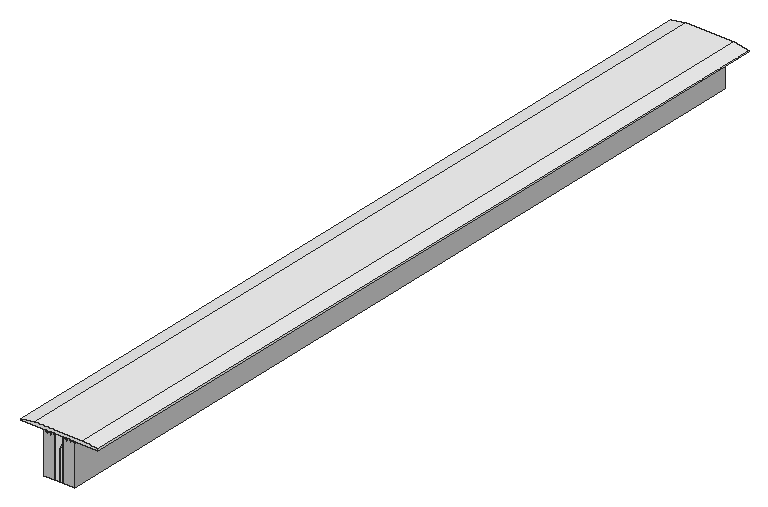
Revit family "SJS", category Specialty Equipment, host Face, Revit 2020
Family settings
  Host = Face
  Round Connector Dimension = Use Diameter
  Part Type = Normal
  Cut with Voids When Loaded = No
  Shared = No
  Room Calculation Point = No
Parameters (values of type "SEE TYPE CATEGORY")
  Width = 0' - 3"
  URL = ""
  Type Image = SJS.png
  Triple Bellow 4 inches = no
  Triple Bellow 3 inches = yes
  Spline ON = yes
  Product Data URL = "https://bit.ly/3bXkBPh"
  Narrow Spline ON = yes
  Coverplate Width = (Width * 1.5) + 0' 3"  # 0' - 7 1/2"
  Tensile Strength (ASTM D3574) = "21 psi min; 145 kPa"
  Temperature Range (ASTM C711) = "185°F (85°C) to -40°F (-40°C)"
  Staining (ASTM C510) = "None"
  Spline Width = 0' - 0 3/4"
  Sept Bellow 5 inches = no
  Radius Triple Bellow 4" [instance] = [Calc 4" Width Triple] / 6  # 0' - 0.52083"
  Radius Triple Bellow 3" [instance] = [Calc 3" Width Triple] / 6  # 0' - 0 3/16"
  Radius Sept Bellow 5" [instance] = [Calc 5" Width Sept] / 14  # 0' - 0.50893"
  Radius Quint Bellow 5" [instance] = [Calc 5" Width Quint] / 10  # 0' - 0.5125"
  Radius Quad Bellow 4" [instance] = [Calc 4" Width Quad] / 8  # 0' - 0 33/64"
  Radius Octo Bellow 5" [instance] = [Calc 5" Width Octo] / 16  # 0' - 0 65/128"
  Radius Nono Bellow 5" [instance] = [Calc 5" Width Nono] / 18  # 0' - 0.50694"
  Radius Hex Bellow 5" [instance] = [Calc 5" Width Hex] / 12  # 0' - 0.51042"
  Radius Double Bellow 4" [instance] = [Calc 4" Width Double] / 4  # 0' - 0 13/32"
  Quint Bellow 5 inches = no
  Octo Bellow 5 inches = no
  Nono Bellow 5 inches = no
  Hex Bellow 5 inches = no
  Double Bellow 4 inches = no
  Double Bellow 3 inches = no
  Seal Material Note = "SJS is coated on the top with Sikasil WS-295 silicone."
  Seal Material = Silicone - Sikasil WS-295 Deck Gray
  Rate of Air Leakage (ASTM E283) = "Passed"
  R Value Range (ASTM C518) = "18 per 1-inch (25mm) depth"
  Quad Bellow 4 inches = no
  Product Page URL = "https://www.emseal.com/product/sjs-seismic-joint-system-seismic-expansion-joint/"
  Product Documentataion URL = "https://bit.ly/3bXkBPh"
  Movement (of Nominal Material Size) = "+50% / -50%"
  Model = "SJS"
  Manufacturer URL = "http://www.emseal.com/"
  Manufacturer = "EMSEAL Joint Systems Ltd"
  Length [instance] = 6' - 6 23/32"
  Durometer Hardness of Silicone Coating (ASTM D2240) = "Shore A: 30"
  Radius Double Bellow 3" [instance] = [Calc 3" Width Double] / 4  # 0' - 0 17/64"
  Description = "Watertight, Sound Dampening, Primary Seal for Interior and Exterior Deck and Floor Expansion Joints"
  Depth - Triple 4" Bellow [instance] = Depth - [Radius Triple Bellow 4"]  # 0' - 3.47917"
  Depth - Triple 3" Bellow [instance] = Depth - [Radius Triple Bellow 3"]  # 0' - 3 13/16"
  Depth - Sept 5" Bellow [instance] = Depth - [Radius Sept Bellow 5"]  # 0' - 3.49107"
  Depth - Quint 5" Bellow [instance] = Depth - [Radius Quint Bellow 5"]  # 0' - 3.4875"
  Depth - Quad 4" Bellow [instance] = Depth - [Radius Quad Bellow 4"]  # 0' - 3 31/64"
  Depth - Octo 5" Bellow [instance] = Depth - [Radius Octo Bellow 5"]  # 0' - 3 63/128"
  Depth - Nono 5" Bellow [instance] = Depth - [Radius Nono Bellow 5"]  # 0' - 3.49306"
  Depth - Hex 5" Bellow [instance] = Depth - [Radius Hex Bellow 5"]  # 0' - 3.48958"
  Depth - Double 4" Bellow [instance] = Depth - [Radius Double Bellow 4"]  # 0' - 3 19/32"
  Depth - Double 3" Bellow [instance] = Depth - [Radius Double Bellow 3"]  # 0' - 3 47/64"
  Depth = 0' - 4"
  Default Elevation = 0' - 0"
  Coverplate Thickness [instance] = 0' - 0 3/8"
  Coverplate Material = Aluminum
  Calc 5" Width Sept [instance] = if(or(Width < 1' 2", Width > 1' 3"), 0' 7 1/8", Bellow Width)  # 0' - 7 1/8"
  Calc 5" Width Quint [instance] = if(or(Width < 0' 10", Width > 0' 11"), 0' 5 1/8", Bellow Width)  # 0' - 5 1/8"
  Calc 5" Width Octo [instance] = if(or(Width < 1' 4", Width > 1' 5"), 0' 8 1/8", Bellow Width)  # 0' - 8 1/8"
  Calc 5" Width Nono [instance] = if(or(Width < 1' 6", Width > 1' 7"), 0' 9 1/8", Bellow Width)  # 0' - 9 1/8"
  Calc 5" Width Hex [instance] = if(or(Width < 1' 0", Width > 1' 1"), 0' 6 1/8", Bellow Width)  # 0' - 6 1/8"
  Calc 4" Width Triple [instance] = if(or(Width < 0' 6", Width > 0' 7"), 0' 3 1/8", Bellow Width)  # 0' - 3 1/8"
  Calc 3" Width Triple [instance] = if(or(Width < 0' 3", Width > 0' 3 1/2"), 0' 1 9/16", Bellow Width)  # 0' - 1 1/8"
  Calc 4" Width Double [instance] = if(or(Width < 0' 4", Width > 0' 5"), 0' 1 5/8", Bellow Width)  # 0' - 1 5/8"
  Calc 3" Width Double [instance] = if(or(Width < 0' 2", Width > 0' 2 1/2"), 0' 1 1/16", Bellow Width)  # 0' - 1 1/16"
  Calc 4" Width Quad [instance] = if(or(Width < 0' 8", Width > 0' 9"), 0' 4 1/8", Bellow Width)  # 0' - 4 1/8"
  Bellow Width [instance] = (Width - Spline Width) / 2  # 0' - 1 1/8"
  Assembly Code = "C3020200"
  ABAA Compliance = yes
Reference planes (in)
  plane 1 "Center (Front/Back)": y = 0
  plane 2: z = 0
  plane 3 "Center (Left/Right)": x = 0
  plane 4 "Opening Left": x = -1.5
  plane 5 "Opening Right": x = 1.5
  plane 6: y = 39.35937
  plane 7: y = -39.35938
  plane 8: z = -4
  plane 9 "Triple 3" Width Left": x = -1.5
  plane 10 "Triple Width Right": x = 1.5
  plane 11 "Double 3" Width Left": x = -1.4375
  plane 12 "Spline Left": x = -0.375
  plane 13 "Expansion Line": z = 0.03125
  plane 14 "Double 3" Half 1": x = -0.90625
  plane 15 "Spline Right": x = 0.375
  plane 16 "Double 3" Width Right": x = 1.4375
  plane 17 "Double 3" Half 2": x = 0.90625
  plane 18 "Double 3" Bellow Depth": z = -0.26562
  plane 19 "Double 4" Width Left": x = -2
  plane 20 "Double 4" Half 1": x = -1.1875
  plane 21 "Double 4" Bellow Depth": z = -0.40625
  plane 22 "Double 4" Width Right": x = 2
  plane 23 "Double 4" Half 2": x = 1.1875
  plane 24 "Triple 3" Third 1": x = -1.125
  plane 25 "Triple 3" Third 2": x = -0.75
  plane 26 "Triple 3" Bellow Depth": z = -0.1875
  plane 27 "Triple 3" Third": x = 0.75
  plane 28 "Triple 3" Third 4": x = 1.125
  plane 29 "Triple 4" Width Left": x = -3.5
  plane 30 "Triple 4" Third 1": x = -2.45833
  plane 31 "Triple 4" Third 2": x = -1.41667
  plane 32 "Triple 4" Bellow Depth": z = -0.52083
  plane 33 "Triple 4" Width Right": x = 3.5
  plane 34 "Triple 4" Third 4": x = 1.41667
  plane 35 "Triple 4" Third 3": x = 2.45833
  plane 36 "Quad 4" Width Left": x = -4.5
  plane 37 "Quad 4" Quater 1": x = -3.46875
  plane 38 "Quad 4" Quarter 2": x = -2.4375
  plane 39 "Quad 4" Quarter 3": x = -1.40625
  plane 40 "Quad 4" Bellow Depth": z = -0.51562
  plane 41 "Quad 4" Width Right": x = 4.5
  plane 42 "Quad 4" Quarter 4": x = 3.46875
  plane 43 "Quad 4" Quarter 5": x = 2.4375
  plane 44 "Quad 4" Quarter 6": x = 1.40625
  plane 45 "Quint 5" Width Left": x = -5.5
  plane 46 "Quint 5" Fifth 1": x = -4.475
  plane 47 "Quint 5" Fifth 2": x = -3.45
  plane 48 "Quint 5" Fifth 3": x = -2.425
  plane 49 "Quint 5" Fifth 4": x = -1.4
  plane 50 "Quint 5" Bellow Depth": z = -0.5125
  plane 51 "Quint 5" Width Right": x = 5.5
  plane 52 "Quint 5" Fifth 5": x = 4.475
  plane 53 "Quint 5" Fifth 6": x = 3.45
  plane 54 "Quint 5" Fifth 7": x = 2.425
  plane 55 "Quint 5" Fifth 8": x = 1.4
  plane 56 "Hex 5" Width Left": x = -6.5
  plane 57 "Hex 5" Sixth 1": x = -5.47917
  plane 58 "Hex 5" Sixth 2": x = -4.45833
  plane 59 "Hex 5" Sixth 3": x = -3.4375
  plane 60 "Hex 5" Sixth 4": x = -2.41667
  plane 61 "Hex 5" Sixth 5": x = -1.39583
  plane 62 "Hex 5" Bellow Depth": z = -0.51042
  plane 63 "Hex 5" Width Right": x = 6.5
  plane 64 "Hex 5" Sixth 6": x = 5.47917
  plane 65 "Hex 5" Sixth 7": x = 4.45833
  plane 66 "Hex 5" Sixth 8": x = 3.4375
  plane 67 "Hex 5" Sixth 9": x = 2.41667
  plane 68 "Hex 5" Sixth 10": x = 1.39583
  plane 69 "Sept 5" Width Left": x = -7.5
  plane 70 "Sept 5" Seventh 1": x = -6.48214
  plane 71 "Sept 5" Seventh 2": x = -5.46429
  plane 72 "Sept 5" Seventh 3": x = -4.44643
  plane 73 "Sept 5" Seventh 4": x = -3.42857
  plane 74 "Sept 5" Seventh 5": x = -2.41071
  plane 75 "Sept 5" Seventh 6": x = -1.39286
  plane 76 "Sept 5"Bellow Depth": z = -0.50893
  plane 77 "Sept 5" Width Right": x = 7.5
  plane 78 "Sept 5" Seventh 7": x = 6.48214
  plane 79 "Sept 5" Seventh 8": x = 5.46429
  plane 80 "Sept 5" Seventh 9": x = 4.44643
  plane 81 "Sept 5" Seventh 10": x = 3.42857
  plane 82 "Sept 5" Seventh 11": x = 2.41071
  plane 83 "Sept 5" Seventh 12": x = 1.39286
  plane 84 "Octo 5" Width Left": x = -8.5
  plane 85 "Octo 5" Eighth 1": x = -7.48437
  plane 86 "Octo 5" Eighth 2": x = -6.46875
  plane 87 "Octo 5" Eighth 3": x = -5.45312
  plane 88 "Octo 5" Eighth 4": x = -4.4375
  plane 89 "Oct0 5" Eighth 5": x = -3.42187
  plane 90 "Octo 5" Eighth 6": x = -2.40625
  plane 91 "Octo 5" Eighth 7": x = -1.39062
  plane 92 "Oct 5" Bellow Depth": z = -0.50781
  plane 93 "Oct 5" Width Right": x = 8.5
  plane 94 "Oct 5" Eighth 8": x = 7.48438
  plane 95 "Oct 5" Eighth 9": x = 6.46875
  plane 96 "Oct 5" Eighth 10": x = 5.45313
  plane 97 "Oct 5" Eighth 11": x = 4.4375
  plane 98 "Oct 5" Eighth 12": x = 3.42188
  plane 99 "Oct 5" Eighth 13": x = 2.40625
  plane 100 "Oct 5" Eighth 14": x = 1.39063
  plane 101 "Nono 5" Width Left": x = -9.5
  plane 102 "Nono 5" Nineth 1": x = -8.48611
  plane 103 "Nono 5" Nineth 2": x = -7.47222
  plane 104 "Nono 5" Nineth 3": x = -6.45833
  plane 105 "Nono 5" Nineth 4": x = -5.44444
  plane 106 "Nono 5" Nineth 5": x = -4.43056
  plane 107 "Nono 5" Nineth 6": x = -3.41667
  plane 108 "Nono 5" Nineth 7": x = -2.40278
  plane 109 "Nono 5" Nineth 8": x = -1.38889
  plane 110 "Nono 5" Bellow Depth": z = -0.50694
  plane 111 "Nono 5" Width Right": x = 9.5
  plane 112 "Nono 5" Nineth 11": x = 8.48611
  plane 113 "Nono 5" Nineth 12": x = 7.47222
  plane 114 "Nono 5" Nineth 13": x = 6.45833
  plane 115 "Nono 5" Nineth 14": x = 5.44444
  plane 116 "Nono 5" Nineth 15": x = 4.43056
  plane 117 "Nono 5" Nineth 16": x = 3.41667
  plane 118 "Nono 5" Nineth 17": x = 2.40278
  plane 119 "Nono 5" Nineth 18": x = 1.38889
  plane 120: z = 0.375
  plane 121 "Coverplate Width - Left": x = -3.75
  plane 122 "Coverplate Width - Right": x = 3.75
  plane 123: x = 2.3125
  plane 124: x = -2.3125
  plane 125: z = 0.125
  plane 126: z = -0.625
  plane 127 "Nono 5" Nineth 19": x = -0.09375
  plane 128 "Nono 5" Nineth 20": x = 0.09375
  plane 129: z = -1.125
  plane 130: z = -3.5
  plane 131 "Nono 5" Nineth 21": x = -0.04687
  plane 132 "Nono 5" Nineth 22": x = 0.04688
  plane 133: z = -3
  plane 134 "Nono 5" Nineth 23": x = -0.1875
  plane 135 "Nono 5" Nineth 24": x = 0.18841
Forms (in)
  Extrusion 1, void
    sketch origin (0, 0, 0) x (1, 0, 0) y (0, 1, 0)
      loop
        line (-1.5, -39.35938) -> (1.5, -39.35938) -> (1.5, 39.35937) -> (-1.5, 39.35937) -> (-1.5, -39.35938)
    from 0 to -30
  Extrusion 2, solid, material "Silicone - Sikasil WS-295 Deck Gray" <- "Seal Material", detail levels coarse
    sketch origin (0, 0, 0) x (1, 0, 0) y (0, 1, 0)
      loop
        line (-1.5, 39.35937) -> (-1.5, -39.35938) -> (1.5, -39.35938) -> (1.5, 39.35937) -> (-1.5, 39.35937)
    from 0 to -4
  Extrusion 3, solid, material "Silicone - Sikasil WS-295 Deck Gray" <- "Seal Material", visible <- "Double Bellow 3 inches"
    sketch origin (0, 0, 0) x (1, 0, 0) y (0, 0, 1)
      loop
        line (-1.4375, -4) -> (-0.375, -4) -> (-0.375, -0.26562)
        arc (-0.375, -0.26562) -> (-0.64062, 0) -> (-0.90625, -0.26562) r 0.26563
        arc (-0.90625, -0.26562) -> (-1.17187, 0) -> (-1.4375, -0.26562) r 0.26562
        line (-1.4375, -0.26562) -> (-1.4375, -4)
    from 39.35938 to -39.35937
  Extrusion 4, solid, material "Silicone - Sikasil WS-295 Deck Gray" <- "Seal Material", visible <- "Double Bellow 3 inches"
    sketch origin (1.63844, 0, 0) x (1, 0, 0) y (0, 0, 1)
      loop
        line (-1.26344, -4) -> (-0.20094, -4) -> (-0.20094, -0.26562)
        arc (-0.20094, -0.26562) -> (-0.46656, 0) -> (-0.73219, -0.26562) r 0.26563
        arc (-0.73219, -0.26562) -> (-0.99781, 0) -> (-1.26344, -0.26562) r 0.26562
        line (-1.26344, -0.26562) -> (-1.26344, -4)
    from 39.35938 to -39.35937
  Extrusion 5, solid, material "Silicone - Sikasil WS-295 Deck Gray" <- "Seal Material", visible <- "Double Bellow 4 inches"
    sketch origin (0, 0, 0) x (1, 0, 0) y (0, 0, 1)
      loop
        line (-2, -4) -> (-0.375, -4) -> (-0.375, -0.40625)
        arc (-0.375, -0.40625) -> (-0.78125, 0) -> (-1.1875, -0.40625) r 0.40625
        arc (-1.1875, -0.40625) -> (-1.59375, 0) -> (-2, -0.40625) r 0.40625
        line (-2, -0.40625) -> (-2, -4)
    from 39.35938 to -39.35937
  Extrusion 6, solid, material "Silicone - Sikasil WS-295 Deck Gray" <- "Seal Material", visible <- "Double Bellow 4 inches"
    sketch origin (2.375, 0, 0) x (1, 0, 0) y (0, 0, 1)
      loop
        line (-2, -4) -> (-0.375, -4) -> (-0.375, -0.40625)
        arc (-0.375, -0.40625) -> (-0.78125, 0) -> (-1.1875, -0.40625) r 0.40625
        arc (-1.1875, -0.40625) -> (-1.59375, 0) -> (-2, -0.40625) r 0.40625
        line (-2, -0.40625) -> (-2, -4)
    from 39.35938 to -39.35937
  Extrusion 7, solid, material "Silicone - Sikasil WS-295 Deck Gray" <- "Seal Material", visible <- "Triple Bellow 3 inches"
    sketch origin (0, 0, 0) x (1, 0, 0) y (0, 0, 1)
      loop
        line (-1.5, -4) -> (-0.375, -4) -> (-0.375, -0.1875)
        arc (-0.375, -0.1875) -> (-0.5625, 0) -> (-0.75, -0.1875) r 0.1875
        arc (-0.75, -0.1875) -> (-0.9375, 0) -> (-1.125, -0.1875) r 0.1875
        arc (-1.125, -0.1875) -> (-1.3125, 0) -> (-1.5, -0.1875) r 0.1875
        line (-1.5, -0.1875) -> (-1.5, -4)
    from 39.35938 to -39.35937
  Extrusion 8, solid, material "Silicone - Sikasil WS-295 Deck Gray" <- "Seal Material", visible <- "Triple Bellow 3 inches"
    sketch origin (0, 0, 0) x (1, 0, 0) y (0, 0, 1)
      loop
        line (0.375, -4) -> (1.5, -4) -> (1.5, -0.1875)
        arc (1.5, -0.1875) -> (1.3125, 0) -> (1.125, -0.1875) r 0.1875
        arc (1.125, -0.1875) -> (0.9375, 0) -> (0.75, -0.1875) r 0.1875
        arc (0.75, -0.1875) -> (0.5625, 0) -> (0.375, -0.1875) r 0.1875
        line (0.375, -0.1875) -> (0.375, -4)
    from 39.35938 to -39.35937
  Extrusion 9, solid, material "Silicone - Sikasil WS-295 Deck Gray" <- "Seal Material", visible <- "Triple Bellow 4 inches"
    sketch origin (0, 0, 0) x (1, 0, 0) y (0, 0, 1)
      loop
        line (-0.375, -4) -> (-0.375, -0.52083)
        arc (-0.375, -0.52083) -> (-0.89583, 0) -> (-1.41667, -0.52083) r 0.52083
        arc (-1.41667, -0.52083) -> (-1.9375, 0) -> (-2.45833, -0.52083) r 0.52083
        arc (-2.45833, -0.52083) -> (-2.97917, 0) -> (-3.5, -0.52083) r 0.52083
        line (-3.5, -0.52083) -> (-3.5, -4) -> (-0.375, -4)
    from 39.35938 to -39.35937
  Extrusion 10, solid, material "Silicone - Sikasil WS-295 Deck Gray" <- "Seal Material", visible <- "Triple Bellow 4 inches"
    sketch origin (0, 0, 0) x (1, 0, 0) y (0, 0, 1)
      loop
        line (3.5, -4) -> (3.5, -0.52083)
        arc (3.5, -0.52083) -> (2.97917, 0) -> (2.45833, -0.52083) r 0.52083
        arc (2.45833, -0.52083) -> (1.9375, 0) -> (1.41667, -0.52083) r 0.52083
        arc (1.41667, -0.52083) -> (0.89583, 0) -> (0.375, -0.52083) r 0.52083
        line (0.375, -0.52083) -> (0.375, -4) -> (3.5, -4)
    from 39.35938 to -39.35937
  Extrusion 11, solid, material "Silicone - Sikasil WS-295 Deck Gray" <- "Seal Material", visible <- "Quad Bellow 4 inches"
    sketch origin (0, 0, 0) x (1, 0, 0) y (0, 0, 1)
      loop
        line (-4.5, -4) -> (-0.375, -4) -> (-0.375, -0.51562)
        arc (-0.375, -0.51562) -> (-0.89062, 0) -> (-1.40625, -0.51562) r 0.51562
        arc (-1.40625, -0.51562) -> (-1.92187, 0) -> (-2.4375, -0.51562) r 0.51563
        arc (-2.4375, -0.51562) -> (-2.95312, 0) -> (-3.46875, -0.51562) r 0.51563
        arc (-3.46875, -0.51562) -> (-3.98437, 0) -> (-4.5, -0.51562) r 0.51562
        line (-4.5, -0.51562) -> (-4.5, -4)
    from 39.35938 to -39.35937
  Extrusion 12, solid, material "Silicone - Sikasil WS-295 Deck Gray" <- "Seal Material", visible <- "Quad Bellow 4 inches"
    sketch origin (0, 0, 0) x (1, 0, 0) y (0, 0, 1)
      loop
        line (0.375, -4) -> (4.5, -4) -> (4.5, -0.51562)
        arc (4.5, -0.51562) -> (3.98438, 0) -> (3.46875, -0.51562) r 0.51563
        arc (3.46875, -0.51562) -> (2.95313, 0) -> (2.4375, -0.51562) r 0.51563
        arc (2.4375, -0.51562) -> (1.92188, 0) -> (1.40625, -0.51562) r 0.51563
        arc (1.40625, -0.51562) -> (0.89063, 0) -> (0.375, -0.51562) r 0.51563
        line (0.375, -0.51562) -> (0.375, -4)
    from 39.35938 to -39.35937
  Extrusion 13, solid, material "Silicone - Sikasil WS-295 Deck Gray" <- "Seal Material", visible <- "Quint Bellow 5 inches"
    sketch origin (0, 0, 0) x (1, 0, 0) y (0, 0, 1)
      loop
        line (-5.5, -4) -> (-0.375, -4) -> (-0.375, -0.5125)
        arc (-0.375, -0.5125) -> (-0.8875, 0) -> (-1.4, -0.5125) r 0.5125
        arc (-1.4, -0.5125) -> (-1.9125, 0) -> (-2.425, -0.5125) r 0.5125
        arc (-2.425, -0.5125) -> (-2.9375, 0) -> (-3.45, -0.5125) r 0.5125
        arc (-3.45, -0.5125) -> (-3.9625, 0) -> (-4.475, -0.5125) r 0.5125
        arc (-4.475, -0.5125) -> (-4.9875, 0) -> (-5.5, -0.5125) r 0.5125
        line (-5.5, -0.5125) -> (-5.5, -4)
    from 39.35938 to -39.35937
  Extrusion 14, solid, material "Silicone - Sikasil WS-295 Deck Gray" <- "Seal Material", visible <- "Quint Bellow 5 inches"
    sketch origin (0, 0, 0) x (1, 0, 0) y (0, 0, 1)
      loop
        line (0.375, -4) -> (5.5, -4) -> (5.5, -0.5125)
        arc (5.5, -0.5125) -> (4.9875, 0) -> (4.475, -0.5125) r 0.5125
        arc (4.475, -0.5125) -> (3.9625, 0) -> (3.45, -0.5125) r 0.5125
        arc (3.45, -0.5125) -> (2.9375, 0) -> (2.425, -0.5125) r 0.5125
        arc (2.425, -0.5125) -> (1.9125, 0) -> (1.4, -0.5125) r 0.5125
        arc (1.4, -0.5125) -> (0.8875, 0) -> (0.375, -0.5125) r 0.5125
        line (0.375, -0.5125) -> (0.375, -4)
    from 39.35938 to -39.35937
  Extrusion 15, solid, material "Silicone - Sikasil WS-295 Deck Gray" <- "Seal Material", visible <- "Hex Bellow 5 inches"
    sketch origin (0, 0, 0) x (1, 0, 0) y (0, 0, 1)
      loop
        line (-6.5, -4) -> (-0.375, -4) -> (-0.375, -0.51042)
        arc (-0.375, -0.51042) -> (-0.88542, 0) -> (-1.39583, -0.51042) r 0.51042
        arc (-1.39583, -0.51042) -> (-1.90625, 0) -> (-2.41667, -0.51042) r 0.51042
        arc (-2.41667, -0.51042) -> (-2.92708, 0) -> (-3.4375, -0.51042) r 0.51042
        arc (-3.4375, -0.51042) -> (-3.94792, 0) -> (-4.45833, -0.51042) r 0.51042
        arc (-4.45833, -0.51042) -> (-4.96875, 0) -> (-5.47917, -0.51042) r 0.51042
        arc (-5.47917, -0.51042) -> (-5.98958, 0) -> (-6.5, -0.51042) r 0.51042
        line (-6.5, -0.51042) -> (-6.5, -4)
    from 39.35938 to -39.35937
  Extrusion 16, solid, material "Silicone - Sikasil WS-295 Deck Gray" <- "Seal Material", visible <- "Hex Bellow 5 inches"
    sketch origin (0, 0, 0) x (1, 0, 0) y (0, 0, 1)
      loop
        line (6.5, -4) -> (6.5, -0.51042)
        arc (6.5, -0.51042) -> (5.98958, 0) -> (5.47917, -0.51042) r 0.51042
        arc (5.47917, -0.51042) -> (4.96875, 0) -> (4.45833, -0.51042) r 0.51042
        arc (4.45833, -0.51042) -> (3.94792, 0) -> (3.4375, -0.51042) r 0.51042
        arc (3.4375, -0.51042) -> (2.92708, 0) -> (2.41667, -0.51042) r 0.51042
        arc (2.41667, -0.51042) -> (1.90625, 0) -> (1.39583, -0.51042) r 0.51042
        arc (1.39583, -0.51042) -> (0.88542, 0) -> (0.375, -0.51042) r 0.51042
        line (0.375, -0.51042) -> (0.375, -4) -> (6.5, -4)
    from 39.35938 to -39.35937
  Extrusion 17, solid, material "Silicone - Sikasil WS-295 Deck Gray" <- "Seal Material", visible <- "Sept Bellow 5 inches"
    sketch origin (0, 0, 0) x (1, 0, 0) y (0, 0, 1)
      loop
        line (-7.5, -4) -> (-0.375, -4) -> (-0.375, -0.50893)
        arc (-0.375, -0.50893) -> (-0.88393, 0) -> (-1.39286, -0.50893) r 0.50893
        arc (-1.39286, -0.50893) -> (-1.90179, 0) -> (-2.41071, -0.50893) r 0.50893
        arc (-2.41071, -0.50893) -> (-2.91964, 0) -> (-3.42857, -0.50893) r 0.50893
        arc (-3.42857, -0.50893) -> (-3.9375, 0) -> (-4.44643, -0.50893) r 0.50893
        arc (-4.44643, -0.50893) -> (-4.95536, 0) -> (-5.46429, -0.50893) r 0.50893
        arc (-5.46429, -0.50893) -> (-5.97321, 0) -> (-6.48214, -0.50893) r 0.50893
        arc (-6.48214, -0.50893) -> (-6.99107, 0) -> (-7.5, -0.50893) r 0.50893
        line (-7.5, -0.50893) -> (-7.5, -4)
    from 39.35938 to -39.35937
  Extrusion 18, solid, material "Silicone - Sikasil WS-295 Deck Gray" <- "Seal Material", visible <- "Sept Bellow 5 inches"
    sketch origin (0, 0, 0) x (1, 0, 0) y (0, 0, 1)
      loop
        line (0.375, -4) -> (7.5, -4) -> (7.5, -0.50893)
        arc (7.5, -0.50893) -> (6.99107, 0) -> (6.48214, -0.50893) r 0.50893
        arc (6.48214, -0.50893) -> (5.97321, 0) -> (5.46429, -0.50893) r 0.50893
        arc (5.46429, -0.50893) -> (4.95536, 0) -> (4.44643, -0.50893) r 0.50893
        arc (4.44643, -0.50893) -> (3.9375, 0) -> (3.42857, -0.50893) r 0.50893
        arc (3.42857, -0.50893) -> (2.91964, 0) -> (2.41071, -0.50893) r 0.50893
        arc (2.41071, -0.50893) -> (1.90179, 0) -> (1.39286, -0.50893) r 0.50893
        arc (1.39286, -0.50893) -> (0.88393, 0) -> (0.375, -0.50893) r 0.50893
        line (0.375, -0.50893) -> (0.375, -4)
    from 39.35938 to -39.35937
  Extrusion 19, solid, material "Silicone - Sikasil WS-295 Deck Gray" <- "Seal Material", visible <- "Octo Bellow 5 inches"
    sketch origin (0, 0, 0) x (1, 0, 0) y (0, 0, 1)
      loop
        line (-0.375, -4) -> (-0.375, -0.50781)
        arc (-0.375, -0.50781) -> (-0.88281, 0) -> (-1.39062, -0.50781) r 0.50781
        arc (-1.39062, -0.50781) -> (-1.89844, 0) -> (-2.40625, -0.50781) r 0.50781
        arc (-2.40625, -0.50781) -> (-2.91406, 0) -> (-3.42187, -0.50781) r 0.50781
        arc (-3.42187, -0.50781) -> (-3.92969, 0) -> (-4.4375, -0.50781) r 0.50781
        arc (-4.4375, -0.50781) -> (-4.94531, 0) -> (-5.45312, -0.50781) r 0.50781
        arc (-5.45312, -0.50781) -> (-5.96094, 0) -> (-6.46875, -0.50781) r 0.50781
        arc (-6.46875, -0.50781) -> (-6.97656, 0) -> (-7.48437, -0.50781) r 0.50781
        arc (-7.48437, -0.50781) -> (-7.99219, 0) -> (-8.5, -0.50781) r 0.50781
        line (-8.5, -0.50781) -> (-8.5, -4) -> (-0.375, -4)
    from 39.35938 to -39.35937
  Extrusion 20, solid, material "Silicone - Sikasil WS-295 Deck Gray" <- "Seal Material", visible <- "Octo Bellow 5 inches"
    sketch origin (8.875, 0, 0) x (1, 0, 0) y (0, 0, 1)
      loop
        line (-0.375, -4) -> (-0.375, -0.50781)
        arc (-0.375, -0.50781) -> (-0.88281, 0) -> (-1.39062, -0.50781) r 0.50781
        arc (-1.39062, -0.50781) -> (-1.89844, 0) -> (-2.40625, -0.50781) r 0.50781
        arc (-2.40625, -0.50781) -> (-2.91406, 0) -> (-3.42187, -0.50781) r 0.50781
        arc (-3.42187, -0.50781) -> (-3.92969, 0) -> (-4.4375, -0.50781) r 0.50781
        arc (-4.4375, -0.50781) -> (-4.94531, 0) -> (-5.45312, -0.50781) r 0.50781
        arc (-5.45312, -0.50781) -> (-5.96094, 0) -> (-6.46875, -0.50781) r 0.50781
        arc (-6.46875, -0.50781) -> (-6.97656, 0) -> (-7.48437, -0.50781) r 0.50781
        arc (-7.48437, -0.50781) -> (-7.99219, 0) -> (-8.5, -0.50781) r 0.50781
        line (-8.5, -0.50781) -> (-8.5, -4) -> (-0.375, -4)
    from 39.35938 to -39.35937
  Extrusion 21, solid, material "Silicone - Sikasil WS-295 Deck Gray" <- "Seal Material", visible <- "Nono Bellow 5 inches"
    sketch origin (0, 0, 0) x (1, 0, 0) y (0, 0, 1)
      loop
        line (-0.375, -4) -> (-0.375, -0.50694)
        arc (-0.375, -0.50694) -> (-0.88194, 0) -> (-1.38889, -0.50694) r 0.50694
        arc (-1.38889, -0.50694) -> (-1.89583, 0) -> (-2.40278, -0.50694) r 0.50694
        arc (-2.40278, -0.50694) -> (-2.90972, 0) -> (-3.41667, -0.50694) r 0.50694
        arc (-3.41667, -0.50694) -> (-3.92361, 0) -> (-4.43056, -0.50694) r 0.50694
        arc (-4.43056, -0.50694) -> (-4.9375, 0) -> (-5.44444, -0.50694) r 0.50694
        arc (-5.44444, -0.50694) -> (-5.95139, 0) -> (-6.45833, -0.50694) r 0.50694
        arc (-6.45833, -0.50694) -> (-6.96528, 0) -> (-7.47222, -0.50694) r 0.50694
        arc (-7.47222, -0.50694) -> (-7.97917, 0) -> (-8.48611, -0.50694) r 0.50694
        arc (-8.48611, -0.50694) -> (-8.99306, 0) -> (-9.5, -0.50694) r 0.50694
        line (-9.5, -0.50694) -> (-9.5, -4) -> (-0.375, -4)
    from 39.35938 to -39.35937
  Extrusion 22, solid, material "Silicone - Sikasil WS-295 Deck Gray" <- "Seal Material", visible <- "Nono Bellow 5 inches"
    sketch origin (9.875, 0, 0) x (1, 0, 0) y (0, 0, 1)
      loop
        line (-0.375, -4) -> (-0.375, -0.50694)
        arc (-0.375, -0.50694) -> (-0.88194, 0) -> (-1.38889, -0.50694) r 0.50694
        arc (-1.38889, -0.50694) -> (-1.89583, 0) -> (-2.40278, -0.50694) r 0.50694
        arc (-2.40278, -0.50694) -> (-2.90972, 0) -> (-3.41667, -0.50694) r 0.50694
        arc (-3.41667, -0.50694) -> (-3.92361, 0) -> (-4.43056, -0.50694) r 0.50694
        arc (-4.43056, -0.50694) -> (-4.9375, 0) -> (-5.44444, -0.50694) r 0.50694
        arc (-5.44444, -0.50694) -> (-5.95139, 0) -> (-6.45833, -0.50694) r 0.50694
        arc (-6.45833, -0.50694) -> (-6.96528, 0) -> (-7.47222, -0.50694) r 0.50694
        arc (-7.47222, -0.50694) -> (-7.97917, 0) -> (-8.48611, -0.50694) r 0.50694
        arc (-8.48611, -0.50694) -> (-8.99306, 0) -> (-9.5, -0.50694) r 0.50694
        line (-9.5, -0.50694) -> (-9.5, -4) -> (-0.375, -4)
    from 39.35938 to -39.35937
  Extrusion 23, solid, material "Aluminum" <- "Coverplate Material"
    sketch origin (0, 0, 0) x (1, 0, 0) y (0, 0, 1)
      loop
        line (-3.75, 0) -> (3.75, 0) -> (3.75, 0.125) -> (2.3125, 0.375) -> (-2.3125, 0.375) -> (-3.75, 0.125) -> (-3.75, 0)
    from 39.35937 to -39.35938
  Extrusion 24, solid, material "Aluminum", visible <- "Narrow Spline ON"
    sketch origin (0, 0, 0) x (1, 0, 0) y (0, 0, 1)
      loop
        line (-0.375, 0) -> (-0.375, -0.625) -> (-0.09375, -1.125) -> (-0.09375, -3.5) -> (-0.04687, -4) -> (0.04688, -4) -> (0.09375, -3.5) -> (0.09375, -1.125) -> (0.375, -0.625) -> (0.375, 0) -> (-0.375, 0)
    from 39.35938 to -39.35938
  Extrusion 25, solid, material "Aluminum", visible <- "Spline ON"
    sketch origin (0, 0, 0) x (1, 0, 0) y (0, 0, 1)
      loop
        line (-0.375, 0) -> (-0.375, -4) -> (0.375, -4) -> (0.375, 0) -> (-0.375, 0)
    from 39.35938 to -39.35937
Dimensions and locks (in)
  "Width": plane 4 "Opening Left" to plane 5 "Opening Right"
  equal spacing: plane 4 "Opening Left", plane 3 "Center (Left/Right)", plane 5 "Opening Right"
  equal spacing: plane 6, plane 1 "Center (Front/Back)", plane 7
  "Length": plane 6 to plane 7
  "Depth": plane 2 to plane 8
  locked: plane 13 "Expansion Line" to level at 0.03125
  "Spline Width": plane 12 "Spline Left" to plane 15 "Spline Right"
  equal spacing: plane 12 "Spline Left", plane 3 "Center (Left/Right)", plane 15 "Spline Right"
  "Calc 3" Width Double": plane 11 "Double 3" Width Left" to plane 12 "Spline Left"
  equal spacing: plane 11 "Double 3" Width Left", plane 14 "Double 3" Half 1", plane 12 "Spline Left"
  "Depth - Double 3" Bellow": plane 18 "Double 3" Bellow Depth" to plane 8
  "Calc 3" Width Double": plane 15 "Spline Right" to plane 16 "Double 3" Width Right"
  equal spacing: plane 15 "Spline Right", plane 17 "Double 3" Half 2", plane 16 "Double 3" Width Right"
  "Calc 4" Width Double": plane 19 "Double 4" Width Left" to plane 12 "Spline Left"
  equal spacing: plane 19 "Double 4" Width Left", plane 20 "Double 4" Half 1", plane 12 "Spline Left"
  "Depth - Double 4" Bellow": plane 21 "Double 4" Bellow Depth" to plane 8
  "Calc 4" Width Double": plane 15 "Spline Right" to plane 22 "Double 4" Width Right"
  equal spacing: plane 15 "Spline Right", plane 23 "Double 4" Half 2", plane 22 "Double 4" Width Right"
  "Depth - Triple 3" Bellow": plane 26 "Triple 3" Bellow Depth" to plane 8
  "Calc 3" Width Triple": plane 9 "Triple 3" Width Left" to plane 12 "Spline Left"
  equal spacing: plane 9 "Triple 3" Width Left", plane 24 "Triple 3" Third 1", plane 25 "Triple 3" Third 2", plane 12 "Spline Left"
  "Calc 3" Width Triple": plane 15 "Spline Right" to plane 10 "Triple Width Right"
  equal spacing: plane 15 "Spline Right", plane 27 "Triple 3" Third", plane 28 "Triple 3" Third 4", plane 10 "Triple Width Right"
  "Calc 4" Width Triple": plane 29 "Triple 4" Width Left" to plane 12 "Spline Left"
  equal spacing: plane 29 "Triple 4" Width Left", plane 30 "Triple 4" Third 1", plane 31 "Triple 4" Third 2", plane 12 "Spline Left"
  "Depth - Triple 4" Bellow": plane 32 "Triple 4" Bellow Depth" to plane 8
  equal spacing: plane 15 "Spline Right", plane 34 "Triple 4" Third 4", plane 35 "Triple 4" Third 3", plane 33 "Triple 4" Width Right"
  "Calc 4" Width Triple": plane 15 "Spline Right" to plane 33 "Triple 4" Width Right"
  equal spacing: plane 36 "Quad 4" Width Left", plane 37 "Quad 4" Quater 1", plane 38 "Quad 4" Quarter 2", plane 39 "Quad 4" Quarter 3", plane 12 "Spline Left"
  "Calc 4" Width Quad": plane 36 "Quad 4" Width Left" to plane 12 "Spline Left"
  "Depth - Quad 4" Bellow": plane 40 "Quad 4" Bellow Depth" to plane 8
  equal spacing: plane 15 "Spline Right", plane 44 "Quad 4" Quarter 6", plane 43 "Quad 4" Quarter 5", plane 42 "Quad 4" Quarter 4", plane 41 "Quad 4" Width Right"
  "Calc 4" Width Quad": plane 15 "Spline Right" to plane 41 "Quad 4" Width Right"
  equal spacing: plane 45 "Quint 5" Width Left", plane 46 "Quint 5" Fifth 1", plane 47 "Quint 5" Fifth 2", plane 48 "Quint 5" Fifth 3", plane 49 "Quint 5" Fifth 4", plane 12 "Spline Left"
  "Calc 5" Width Quint": plane 45 "Quint 5" Width Left" to plane 12 "Spline Left"
  "Depth - Quint 5" Bellow": plane 50 "Quint 5" Bellow Depth" to plane 8
  equal spacing: plane 15 "Spline Right", plane 55 "Quint 5" Fifth 8", plane 54 "Quint 5" Fifth 7", plane 53 "Quint 5" Fifth 6", plane 52 "Quint 5" Fifth 5", plane 51 "Quint 5" Width Right"
  "Calc 5" Width Quint": plane 15 "Spline Right" to plane 51 "Quint 5" Width Right"
  equal spacing: plane 56 "Hex 5" Width Left", plane 57 "Hex 5" Sixth 1", plane 58 "Hex 5" Sixth 2", plane 59 "Hex 5" Sixth 3", plane 60 "Hex 5" Sixth 4", plane 61 "Hex 5" Sixth 5", plane 12 "Spline Left"
  "Calc 5" Width Hex": plane 56 "Hex 5" Width Left" to plane 12 "Spline Left"
  "Depth - Hex 5" Bellow": plane 62 "Hex 5" Bellow Depth" to plane 8
  equal spacing: plane 15 "Spline Right", plane 68 "Hex 5" Sixth 10", plane 67 "Hex 5" Sixth 9", plane 66 "Hex 5" Sixth 8", plane 65 "Hex 5" Sixth 7", plane 64 "Hex 5" Sixth 6", plane 63 "Hex 5" Width Right"
  "Calc 5" Width Hex": plane 15 "Spline Right" to plane 63 "Hex 5" Width Right"
  equal spacing: plane 69 "Sept 5" Width Left", plane 70 "Sept 5" Seventh 1", plane 71 "Sept 5" Seventh 2", plane 72 "Sept 5" Seventh 3", plane 73 "Sept 5" Seventh 4", plane 74 "Sept 5" Seventh 5", plane 75 "Sept 5" Seventh 6", plane 12 "Spline Left"
  "Calc 5" Width Sept": plane 69 "Sept 5" Width Left" to plane 12 "Spline Left"
  "Depth - Sept 5" Bellow": plane 76 "Sept 5"Bellow Depth" to plane 8
  equal spacing: plane 15 "Spline Right", plane 83 "Sept 5" Seventh 12", plane 82 "Sept 5" Seventh 11", plane 81 "Sept 5" Seventh 10", plane 80 "Sept 5" Seventh 9", plane 79 "Sept 5" Seventh 8", plane 78 "Sept 5" Seventh 7", plane 77 "Sept 5" Width Right"
  "Calc 5" Width Sept": plane 15 "Spline Right" to plane 77 "Sept 5" Width Right"
  equal spacing: plane 84 "Octo 5" Width Left", plane 85 "Octo 5" Eighth 1", plane 86 "Octo 5" Eighth 2", plane 87 "Octo 5" Eighth 3", plane 88 "Octo 5" Eighth 4", plane 89 "Oct0 5" Eighth 5", plane 90 "Octo 5" Eighth 6", plane 91 "Octo 5" Eighth 7", plane 12 "Spline Left"
  "Calc 5" Width Octo": plane 84 "Octo 5" Width Left" to plane 12 "Spline Left"
  "Depth - Octo 5" Bellow": plane 92 "Oct 5" Bellow Depth" to plane 8
  equal spacing: plane 15 "Spline Right", plane 100 "Oct 5" Eighth 14", plane 99 "Oct 5" Eighth 13", plane 98 "Oct 5" Eighth 12", plane 97 "Oct 5" Eighth 11", plane 96 "Oct 5" Eighth 10", plane 95 "Oct 5" Eighth 9", plane 94 "Oct 5" Eighth 8", plane 93 "Oct 5" Width Right"
  "Calc 5" Width Octo": plane 15 "Spline Right" to plane 93 "Oct 5" Width Right"
  equal spacing: plane 101 "Nono 5" Width Left", plane 102 "Nono 5" Nineth 1", plane 103 "Nono 5" Nineth 2", plane 104 "Nono 5" Nineth 3", plane 105 "Nono 5" Nineth 4", plane 106 "Nono 5" Nineth 5", plane 107 "Nono 5" Nineth 6", plane 108 "Nono 5" Nineth 7", plane 109 "Nono 5" Nineth 8", plane 12 "Spline Left"
  "Calc 5" Width Nono": plane 101 "Nono 5" Width Left" to plane 12 "Spline Left"
  "Depth - Nono 5" Bellow": plane 110 "Nono 5" Bellow Depth" to plane 8
  equal spacing: plane 15 "Spline Right", plane 119 "Nono 5" Nineth 18", plane 118 "Nono 5" Nineth 17", plane 117 "Nono 5" Nineth 16", plane 116 "Nono 5" Nineth 15", plane 115 "Nono 5" Nineth 14", plane 114 "Nono 5" Nineth 13", plane 113 "Nono 5" Nineth 12", plane 112 "Nono 5" Nineth 11", plane 111 "Nono 5" Width Right"
  "Calc 5" Width Nono": plane 15 "Spline Right" to plane 111 "Nono 5" Width Right"
  equal spacing: plane 122 "Coverplate Width - Right", plane 3 "Center (Left/Right)", plane 121 "Coverplate Width - Left"
  "Coverplate Width": plane 122 "Coverplate Width - Right" to plane 121 "Coverplate Width - Left"
  "Coverplate Thickness": plane 120 to host face
  locked: plane 122 "Coverplate Width - Right" to plane 123 at 1.4375
  locked: plane 124 to plane 121 "Coverplate Width - Left" at 1.4375
  locked: plane 125 to host face at 0.125
  locked: plane 130 to plane 8 at 0.5
  locked: plane 133 to plane 8 at 1
  aligned and locked: plane 2 to host face
  aligned and locked: level to host face
  aligned and locked: Extrusion 1 sketch curve to plane 7
  aligned and locked: Extrusion 1 sketch curve to plane 4 "Opening Left"
  aligned and locked: plane 6 to Extrusion 1 sketch curve
  aligned and locked: plane 5 "Opening Right" to Extrusion 1 sketch curve
  aligned and locked: Extrusion 2 sketch curve to plane 6
  aligned and locked: plane 4 "Opening Left" to Extrusion 2 sketch curve
  aligned and locked: plane 7 to Extrusion 2 sketch curve
  aligned and locked: Extrusion 2 sketch curve to plane 5 "Opening Right"
  aligned and locked: Extrusion 2 to plane 8
  aligned and locked: level to Extrusion 2
  aligned and locked: plane 11 "Double 3" Width Left" to Extrusion 3 sketch curve
  aligned and locked: Extrusion 3 sketch curve to plane 12 "Spline Left"
  aligned and locked: Extrusion 3 sketch curve to plane 8
  aligned and locked: Extrusion 3 to plane 7
  aligned and locked: plane 6 to Extrusion 3
  aligned and locked: plane 15 "Spline Right" to Extrusion 4 sketch curve
  aligned and locked: Extrusion 4 sketch curve to plane 16 "Double 3" Width Right"
  aligned and locked: plane 18 "Double 3" Bellow Depth" to Extrusion 3 sketch curve  (x4)
  aligned and locked: plane 18 "Double 3" Bellow Depth" to Extrusion 4 sketch curve  (x4)
  aligned and locked: Extrusion 5 sketch curve to plane 12 "Spline Left"
  aligned and locked: plane 21 "Double 4" Bellow Depth" to Extrusion 5 sketch curve  (x3)
  aligned and locked: plane 20 "Double 4" Half 1" to Extrusion 5 sketch curve  (x2)
  aligned and locked: plane 19 "Double 4" Width Left" to Extrusion 5 sketch curve
  aligned and locked: plane 12 "Spline Left" to Extrusion 5 sketch curve
  aligned and locked: Extrusion 6 sketch curve to plane 8
  aligned and locked: plane 15 "Spline Right" to Extrusion 6 sketch curve
  aligned and locked: Extrusion 6 sketch curve to plane 22 "Double 4" Width Right"
  aligned and locked: plane 21 "Double 4" Bellow Depth" to Extrusion 6 sketch curve  (x2)
  aligned and locked: plane 22 "Double 4" Width Right" to Extrusion 6 sketch curve
  aligned and locked: plane 23 "Double 4" Half 2" to Extrusion 6 sketch curve  (x2)
  aligned and locked: plane 6 to Extrusion 6
  aligned and locked: Extrusion 6 to plane 7
  aligned and locked: Extrusion 5 to plane 7
  aligned and locked: plane 6 to Extrusion 5
  aligned and locked: Extrusion 2 to Extrusion 5
  aligned and locked: Extrusion 5 to Extrusion 2
  aligned and locked: Extrusion 2 to Extrusion 6
  aligned and locked: Extrusion 6 to Extrusion 2
  aligned and locked: plane 6 to Extrusion 4
  aligned and locked: Extrusion 2 to Extrusion 3
  aligned and locked: Extrusion 7 sketch curve to plane 12 "Spline Left"
  aligned and locked: Extrusion 7 sketch curve to plane 8
  aligned and locked: plane 9 "Triple 3" Width Left" to Extrusion 7 sketch curve
  aligned and locked: plane 6 to Extrusion 7
  aligned and locked: Extrusion 7 to plane 7
  aligned and locked: Extrusion 8 sketch curve to plane 8
  aligned and locked: Extrusion 8 sketch curve to plane 10 "Triple Width Right"
  aligned and locked: plane 15 "Spline Right" to Extrusion 8 sketch curve
  aligned and locked: plane 26 "Triple 3" Bellow Depth" to Extrusion 8 sketch curve  (x4)
  aligned and locked: plane 27 "Triple 3" Third" to Extrusion 8 sketch curve  (x2)
  aligned and locked: plane 28 "Triple 3" Third 4" to Extrusion 8 sketch curve  (x2)
  aligned and locked: plane 10 "Triple Width Right" to Extrusion 8 sketch curve
  aligned and locked: plane 6 to Extrusion 8
  aligned and locked: Extrusion 8 to plane 7
  aligned and locked: plane 8 to Extrusion 9 sketch curve
  aligned and locked: Extrusion 9 sketch curve to plane 29 "Triple 4" Width Left"
  aligned and locked: plane 32 "Triple 4" Bellow Depth" to Extrusion 9 sketch curve  (x6)
  aligned and locked: plane 29 "Triple 4" Width Left" to Extrusion 9 sketch curve
  aligned and locked: plane 30 "Triple 4" Third 1" to Extrusion 9 sketch curve  (x2)
  aligned and locked: plane 31 "Triple 4" Third 2" to Extrusion 9 sketch curve  (x2)
  aligned and locked: plane 12 "Spline Left" to Extrusion 9 sketch curve
  aligned and locked: plane 6 to Extrusion 9
  aligned and locked: Extrusion 9 to plane 7
  aligned and locked: plane 33 "Triple 4" Width Right" to Extrusion 10 sketch curve
  aligned and locked: Extrusion 10 sketch curve to plane 15 "Spline Right"
  aligned and locked: plane 8 to Extrusion 10 sketch curve
  aligned and locked: plane 32 "Triple 4" Bellow Depth" to Extrusion 10 sketch curve  (x6)
  aligned and locked: plane 15 "Spline Right" to Extrusion 10 sketch curve
  aligned and locked: plane 34 "Triple 4" Third 4" to Extrusion 10 sketch curve  (x2)
  aligned and locked: plane 35 "Triple 4" Third 3" to Extrusion 10 sketch curve  (x2)
  aligned and locked: plane 6 to Extrusion 10
  aligned and locked: Extrusion 10 to plane 7
  aligned and locked: Extrusion 11 sketch curve to plane 8
  aligned and locked: Extrusion 11 sketch curve to plane 12 "Spline Left"
  aligned and locked: plane 40 "Quad 4" Bellow Depth" to Extrusion 11 sketch curve  (x8)
  aligned and locked: plane 36 "Quad 4" Width Left" to Extrusion 11 sketch curve
  aligned and locked: plane 37 "Quad 4" Quater 1" to Extrusion 11 sketch curve  (x2)
  aligned and locked: plane 38 "Quad 4" Quarter 2" to Extrusion 11 sketch curve  (x2)
  aligned and locked: plane 39 "Quad 4" Quarter 3" to Extrusion 11 sketch curve  (x2)
  aligned and locked: plane 12 "Spline Left" to Extrusion 11 sketch curve
  aligned and locked: plane 6 to Extrusion 11
  aligned and locked: Extrusion 11 to plane 7
  aligned and locked: plane 15 "Spline Right" to Extrusion 12 sketch curve
  aligned and locked: Extrusion 12 sketch curve to plane 41 "Quad 4" Width Right"
  aligned and locked: Extrusion 12 sketch curve to plane 8
  aligned and locked: plane 40 "Quad 4" Bellow Depth" to Extrusion 12 sketch curve  (x8)
  aligned and locked: plane 44 "Quad 4" Quarter 6" to Extrusion 12 sketch curve  (x2)
  aligned and locked: plane 43 "Quad 4" Quarter 5" to Extrusion 12 sketch curve  (x2)
  aligned and locked: plane 42 "Quad 4" Quarter 4" to Extrusion 12 sketch curve  (x2)
  aligned and locked: plane 41 "Quad 4" Width Right" to Extrusion 12 sketch curve
  aligned and locked: plane 6 to Extrusion 12
  aligned and locked: Extrusion 12 to plane 7
  aligned and locked: Extrusion 13 sketch curve to plane 8
  aligned and locked: plane 45 "Quint 5" Width Left" to Extrusion 13 sketch curve
  aligned and locked: Extrusion 13 sketch curve to plane 12 "Spline Left"
  aligned and locked: plane 50 "Quint 5" Bellow Depth" to Extrusion 13 sketch curve  (x10)
  aligned and locked: plane 46 "Quint 5" Fifth 1" to Extrusion 13 sketch curve  (x2)
  aligned and locked: plane 47 "Quint 5" Fifth 2" to Extrusion 13 sketch curve  (x2)
  aligned and locked: plane 48 "Quint 5" Fifth 3" to Extrusion 13 sketch curve  (x2)
  aligned and locked: plane 49 "Quint 5" Fifth 4" to Extrusion 13 sketch curve  (x2)
  aligned and locked: plane 12 "Spline Left" to Extrusion 13 sketch curve
  aligned and locked: plane 6 to Extrusion 13
  aligned and locked: Extrusion 13 to plane 7
  aligned and locked: Extrusion 14 sketch curve to plane 8
  aligned and locked: plane 15 "Spline Right" to Extrusion 14 sketch curve
  aligned and locked: Extrusion 14 sketch curve to plane 51 "Quint 5" Width Right"
  aligned and locked: plane 50 "Quint 5" Bellow Depth" to Extrusion 14 sketch curve  (x10)
  aligned and locked: plane 55 "Quint 5" Fifth 8" to Extrusion 14 sketch curve  (x2)
  aligned and locked: plane 54 "Quint 5" Fifth 7" to Extrusion 14 sketch curve  (x2)
  aligned and locked: plane 53 "Quint 5" Fifth 6" to Extrusion 14 sketch curve  (x2)
  aligned and locked: plane 52 "Quint 5" Fifth 5" to Extrusion 14 sketch curve  (x2)
  aligned and locked: plane 51 "Quint 5" Width Right" to Extrusion 14 sketch curve
  aligned and locked: plane 6 to Extrusion 14
  aligned and locked: Extrusion 14 to plane 7
  aligned and locked: Extrusion 15 sketch curve to plane 8
  aligned and locked: Extrusion 15 sketch curve to plane 12 "Spline Left"
  aligned and locked: plane 62 "Hex 5" Bellow Depth" to Extrusion 15 sketch curve  (x12)
  aligned and locked: plane 56 "Hex 5" Width Left" to Extrusion 15 sketch curve
  aligned and locked: plane 57 "Hex 5" Sixth 1" to Extrusion 15 sketch curve  (x2)
  aligned and locked: plane 58 "Hex 5" Sixth 2" to Extrusion 15 sketch curve  (x2)
  aligned and locked: plane 59 "Hex 5" Sixth 3" to Extrusion 15 sketch curve  (x2)
  aligned and locked: plane 60 "Hex 5" Sixth 4" to Extrusion 15 sketch curve  (x2)
  aligned and locked: plane 61 "Hex 5" Sixth 5" to Extrusion 15 sketch curve  (x2)
  aligned and locked: plane 12 "Spline Left" to Extrusion 15 sketch curve
  aligned and locked: plane 6 to Extrusion 15
  aligned and locked: Extrusion 15 to plane 7
  aligned and locked: plane 8 to Extrusion 16 sketch curve
  aligned and locked: plane 63 "Hex 5" Width Right" to Extrusion 16 sketch curve
  aligned and locked: Extrusion 16 sketch curve to plane 15 "Spline Right"
  aligned and locked: plane 62 "Hex 5" Bellow Depth" to Extrusion 16 sketch curve  (x12)
  aligned and locked: plane 15 "Spline Right" to Extrusion 16 sketch curve
  aligned and locked: plane 68 "Hex 5" Sixth 10" to Extrusion 16 sketch curve  (x2)
  aligned and locked: plane 67 "Hex 5" Sixth 9" to Extrusion 16 sketch curve  (x2)
  aligned and locked: plane 66 "Hex 5" Sixth 8" to Extrusion 16 sketch curve  (x2)
  aligned and locked: plane 65 "Hex 5" Sixth 7" to Extrusion 16 sketch curve  (x2)
  aligned and locked: plane 64 "Hex 5" Sixth 6" to Extrusion 16 sketch curve  (x2)
  aligned and locked: plane 6 to Extrusion 16
  aligned and locked: Extrusion 16 to plane 7
  aligned and locked: Extrusion 17 sketch curve to plane 8
  aligned and locked: Extrusion 17 sketch curve to plane 12 "Spline Left"
  aligned and locked: plane 76 "Sept 5"Bellow Depth" to Extrusion 17 sketch curve  (x14)
  aligned and locked: plane 69 "Sept 5" Width Left" to Extrusion 17 sketch curve
  aligned and locked: plane 70 "Sept 5" Seventh 1" to Extrusion 17 sketch curve  (x2)
  aligned and locked: plane 71 "Sept 5" Seventh 2" to Extrusion 17 sketch curve  (x2)
  aligned and locked: plane 72 "Sept 5" Seventh 3" to Extrusion 17 sketch curve  (x2)
  aligned and locked: plane 73 "Sept 5" Seventh 4" to Extrusion 17 sketch curve  (x2)
  aligned and locked: plane 74 "Sept 5" Seventh 5" to Extrusion 17 sketch curve  (x2)
  aligned and locked: plane 75 "Sept 5" Seventh 6" to Extrusion 17 sketch curve  (x2)
  aligned and locked: plane 12 "Spline Left" to Extrusion 17 sketch curve
  aligned and locked: plane 6 to Extrusion 17
  aligned and locked: Extrusion 17 to plane 7
  aligned and locked: Extrusion 18 sketch curve to plane 8
  aligned and locked: Extrusion 18 sketch curve to plane 77 "Sept 5" Width Right"
  aligned and locked: plane 76 "Sept 5"Bellow Depth" to Extrusion 18 sketch curve  (x14)
  aligned and locked: plane 15 "Spline Right" to Extrusion 18 sketch curve
  aligned and locked: plane 83 "Sept 5" Seventh 12" to Extrusion 18 sketch curve  (x2)
  aligned and locked: plane 82 "Sept 5" Seventh 11" to Extrusion 18 sketch curve  (x2)
  aligned and locked: plane 81 "Sept 5" Seventh 10" to Extrusion 18 sketch curve  (x2)
  aligned and locked: plane 80 "Sept 5" Seventh 9" to Extrusion 18 sketch curve  (x2)
  aligned and locked: plane 79 "Sept 5" Seventh 8" to Extrusion 18 sketch curve  (x2)
  aligned and locked: plane 78 "Sept 5" Seventh 7" to Extrusion 18 sketch curve  (x2)
  aligned and locked: plane 77 "Sept 5" Width Right" to Extrusion 18 sketch curve
  aligned and locked: plane 6 to Extrusion 18
  aligned and locked: Extrusion 18 to plane 7
  aligned and locked: plane 8 to Extrusion 19 sketch curve
  aligned and locked: Extrusion 19 sketch curve to plane 84 "Octo 5" Width Left"
  aligned and locked: plane 92 "Oct 5" Bellow Depth" to Extrusion 19 sketch curve  (x15)
  aligned and locked: plane 84 "Octo 5" Width Left" to Extrusion 19 sketch curve
  aligned and locked: plane 85 "Octo 5" Eighth 1" to Extrusion 19 sketch curve  (x2)
  aligned and locked: plane 86 "Octo 5" Eighth 2" to Extrusion 19 sketch curve  (x2)
  aligned and locked: plane 87 "Octo 5" Eighth 3" to Extrusion 19 sketch curve  (x2)
  aligned and locked: plane 88 "Octo 5" Eighth 4" to Extrusion 19 sketch curve  (x2)
  aligned and locked: plane 89 "Oct0 5" Eighth 5" to Extrusion 19 sketch curve  (x2)
  aligned and locked: plane 90 "Octo 5" Eighth 6" to Extrusion 19 sketch curve  (x2)
  aligned and locked: plane 91 "Octo 5" Eighth 7" to Extrusion 19 sketch curve  (x2)
  aligned and locked: plane 12 "Spline Left" to Extrusion 19 sketch curve
  aligned and locked: plane 6 to Extrusion 19
  aligned and locked: Extrusion 19 to plane 7
  aligned and locked: plane 8 to Extrusion 20 sketch curve
  aligned and locked: Extrusion 20 sketch curve to plane 15 "Spline Right"
  aligned and locked: plane 92 "Oct 5" Bellow Depth" to Extrusion 20 sketch curve  (x15)
  aligned and locked: plane 15 "Spline Right" to Extrusion 20 sketch curve
  aligned and locked: plane 100 "Oct 5" Eighth 14" to Extrusion 20 sketch curve  (x2)
  aligned and locked: plane 99 "Oct 5" Eighth 13" to Extrusion 20 sketch curve  (x2)
  aligned and locked: plane 98 "Oct 5" Eighth 12" to Extrusion 20 sketch curve  (x2)
  aligned and locked: plane 97 "Oct 5" Eighth 11" to Extrusion 20 sketch curve  (x2)
  aligned and locked: plane 96 "Oct 5" Eighth 10" to Extrusion 20 sketch curve  (x2)
  aligned and locked: plane 95 "Oct 5" Eighth 9" to Extrusion 20 sketch curve  (x2)
  aligned and locked: plane 94 "Oct 5" Eighth 8" to Extrusion 20 sketch curve  (x2)
  aligned and locked: plane 93 "Oct 5" Width Right" to Extrusion 20 sketch curve
  aligned and locked: Extrusion 20 to plane 7
  aligned and locked: plane 6 to Extrusion 20
  aligned and locked: plane 8 to Extrusion 21 sketch curve
  aligned and locked: plane 12 "Spline Left" to Extrusion 21 sketch curve
  aligned and locked: Extrusion 21 sketch curve to plane 101 "Nono 5" Width Left"
  aligned and locked: plane 110 "Nono 5" Bellow Depth" to Extrusion 21 sketch curve  (x18)
  aligned and locked: plane 101 "Nono 5" Width Left" to Extrusion 21 sketch curve
  aligned and locked: plane 102 "Nono 5" Nineth 1" to Extrusion 21 sketch curve  (x2)
  aligned and locked: plane 103 "Nono 5" Nineth 2" to Extrusion 21 sketch curve
  aligned and locked: plane 104 "Nono 5" Nineth 3" to Extrusion 21 sketch curve  (x2)
  aligned and locked: plane 105 "Nono 5" Nineth 4" to Extrusion 21 sketch curve  (x2)
  aligned and locked: plane 106 "Nono 5" Nineth 5" to Extrusion 21 sketch curve  (x2)
  aligned and locked: plane 107 "Nono 5" Nineth 6" to Extrusion 21 sketch curve
  aligned and locked: plane 108 "Nono 5" Nineth 7" to Extrusion 21 sketch curve  (x2)
  aligned and locked: plane 109 "Nono 5" Nineth 8" to Extrusion 21 sketch curve  (x2)
  aligned and locked: plane 6 to Extrusion 21
  aligned and locked: Extrusion 21 to plane 7
  aligned and locked: plane 111 "Nono 5" Width Right" to Extrusion 22 sketch curve
  aligned and locked: plane 8 to Extrusion 22 sketch curve
  aligned and locked: Extrusion 22 sketch curve to plane 15 "Spline Right"
  aligned and locked: plane 110 "Nono 5" Bellow Depth" to Extrusion 22 sketch curve  (x18)
  aligned and locked: plane 15 "Spline Right" to Extrusion 22 sketch curve
  aligned and locked: plane 119 "Nono 5" Nineth 18" to Extrusion 22 sketch curve  (x2)
  aligned and locked: plane 118 "Nono 5" Nineth 17" to Extrusion 22 sketch curve  (x2)
  aligned and locked: plane 117 "Nono 5" Nineth 16" to Extrusion 22 sketch curve  (x2)
  aligned and locked: plane 116 "Nono 5" Nineth 15" to Extrusion 22 sketch curve  (x2)
  aligned and locked: plane 115 "Nono 5" Nineth 14" to Extrusion 22 sketch curve  (x2)
  aligned and locked: plane 114 "Nono 5" Nineth 13" to Extrusion 22 sketch curve  (x2)
  aligned and locked: plane 113 "Nono 5" Nineth 12" to Extrusion 22 sketch curve  (x2)
  aligned and locked: plane 112 "Nono 5" Nineth 11" to Extrusion 22 sketch curve  (x2)
  aligned and locked: Extrusion 22 to plane 7
  aligned and locked: plane 6 to Extrusion 22
  aligned and locked: Extrusion 23 sketch curve to level
  aligned and locked: plane 120 to Extrusion 23 sketch curve
  aligned and locked: Extrusion 23 sketch curve to plane 121 "Coverplate Width - Left"
  aligned and locked: plane 122 "Coverplate Width - Right" to Extrusion 23 sketch curve
  aligned and locked: Extrusion 23 to plane 7
  aligned and locked: plane 6 to Extrusion 23
  aligned and locked: Extrusion 24 sketch curve to level
  aligned and locked: Extrusion 24 sketch curve to plane 12 "Spline Left"
  aligned and locked: plane 15 "Spline Right" to Extrusion 24 sketch curve
  aligned and locked: plane 6 to Extrusion 24
  aligned and locked: Extrusion 24 to plane 7
  aligned and locked: Extrusion 24 sketch curve to plane 128 "Nono 5" Nineth 20"
  aligned and locked: Extrusion 24 sketch curve to plane 127 "Nono 5" Nineth 19"
  aligned and locked: Extrusion 24 sketch curve to plane 8
  aligned and locked: Extrusion 25 sketch curve to level
  aligned and locked: Extrusion 25 sketch curve to plane 12 "Spline Left"
  aligned and locked: plane 6 to Extrusion 25
  aligned and locked: Extrusion 25 to plane 7
Automatic sketch dimensions
  host sketch curve to host sketch curve = 6' - 9.46073"
  host sketch curve to host sketch curve = 8' - 0"
  plane 14 "Double 3" Half 1" to Extrusion 3 sketch curve = 0' - 0"  (x2)
  plane 17 "Double 3" Half 2" to Extrusion 4 sketch curve = 0' - 0"  (x2)
  Extrusion 4 sketch curve to plane 8 = 0' - 0"
  Extrusion 5 sketch curve to plane 8 = 0' - 0"
  Extrusion 7 sketch curve to plane 26 "Triple 3" Bellow Depth" = 0' - 0"  (x3)
  plane 24 "Triple 3" Third 1" to Extrusion 7 sketch curve = 0' - 0"  (x2)
  plane 25 "Triple 3" Third 2" to Extrusion 7 sketch curve = 0' - 0"  (x2)
  plane 103 "Nono 5" Nineth 2" to Extrusion 21 sketch curve = 0' - 0"
  plane 107 "Nono 5" Nineth 6" to Extrusion 21 sketch curve = 0' - 0"
  Extrusion 23 sketch curve to plane 123 = 0' - 0"
  Extrusion 23 sketch curve to plane 125 = 0' - 0"  (x2)
  Extrusion 23 sketch curve to plane 124 = 0' - 0"
  plane 131 "Nono 5" Nineth 21" to Extrusion 24 sketch curve = 0' - 0"
  plane 132 "Nono 5" Nineth 22" to Extrusion 24 sketch curve = 0' - 0"
  Extrusion 24 sketch curve to plane 130 = 0' - 0"  (x2)
  Extrusion 24 sketch curve to plane 129 = 0' - 0"  (x2)
  Extrusion 24 sketch curve to plane 126 = 0' - 0"  (x2)
  Extrusion 25 sketch curve to plane 8 = 0' - 0"
  plane 15 "Spline Right" to Extrusion 25 sketch curve = 0' - 0"
Types in the file's own list only (19): name | Width | Triple Bellow 4 inches | Triple Bellow 3 inches | Spline ON | Narrow Spline ON | Coverplate Width | Spline Width | Sept Bellow 5 inches | Quint Bellow 5 inches | Octo Bellow 5 inches | Nono Bellow 5 inches | Hex Bellow 5 inches | Double Bellow 4 inches | Double Bellow 3 inches | Quad Bellow 4 inches | Depth | Default Elevation
  SJS - 2 inches | 2" | No | No | No | Yes | 6" | 3/8" | No | No | No | No | No | No | Yes | No | 3" | 0"
  SJS - 2.5 inches | 2 1/2" | No | No | No | Yes | 6 3/4" | 3/8" | No | No | No | No | No | No | Yes | No | 3" | 0"
  SJS - 3 inches | 3" | No | Yes | No | Yes | 7 1/2" | 3/8" | No | No | No | No | No | No | No | No | 3" | 0"
  SJS - 3.5 inches | 3 1/2" | No | Yes | No | Yes | 8 1/4" | 3/8" | No | No | No | No | No | No | No | No | 3" | 0"
  SJS - 4 inches | 4" | No | No | Yes | No | 9" | 3/4" | No | No | No | No | No | Yes | No | No | 4" | 0"
  SJS - 5 inches | 5" | No | No | Yes | No | 10 1/2" | 3/4" | No | No | No | No | No | Yes | No | No | 4" | 0"
  SJS - 6 inches | 6" | Yes | No | Yes | No | 1' - 0" | 3/4" | No | No | No | No | No | No | No | No | 4" | 0"
  SJS - 7 inches | 7" | Yes | No | Yes | No | 1' - 1 1/2" | 3/4" | No | No | No | No | No | No | No | No | 4" | 0"
  SJS - 8 inches | 8" | No | No | Yes | No | 1' - 3" | 3/4" | No | No | No | No | No | No | No | Yes | 4" | 0"
  SJS - 9 inches | 9" | No | No | Yes | No | 1' - 4 1/2" | 3/4" | No | No | No | No | No | No | No | Yes | 5" | 0"
  SJS - 10 inches | 10" | No | No | Yes | No | 1' - 6" | 3/4" | No | Yes | No | No | No | No | No | No | 5" | 0"
  SJS - 11 inches | 11" | No | No | Yes | No | 1' - 7 1/2" | 3/4" | No | Yes | No | No | No | No | No | No | 5" | 0"
  SJS - 12 inches | 1' - 0" | No | No | Yes | No | 1' - 9" | 3/4" | No | No | No | No | Yes | No | No | No | 5" | 0"
  SJS - 13 inches | 1' - 1" | No | No | Yes | No | 1' - 10 1/2" | 3/4" | No | No | No | No | Yes | No | No | No | 5" | 0"
  SJS - 14 inches | 1' - 2" | No | No | Yes | No | 2' - 0" | 3/4" | Yes | No | No | No | No | No | No | No | 5" | 0"
  SJS - 15 inches | 1' - 3" | No | No | Yes | No | 2' - 1 1/2" | 3/4" | Yes | No | No | No | No | No | No | No | 5" | 0"
  SJS - 16 inches | 1' - 4" | No | No | Yes | No | 2' - 3" | 3/4" | No | No | Yes | No | No | No | No | No | 5" | 0"
  SJS - 17 inches | 1' - 5" | No | No | Yes | No | 2' - 4 1/2" | 3/4" | No | No | Yes | No | No | No | No | No | 5" | 0"
  SJS - 18 inches | 1' - 6" | No | No | Yes | No | 2' - 6" | 3/4" | No | No | No | Yes | No | No | No | No | 5" | 0"
